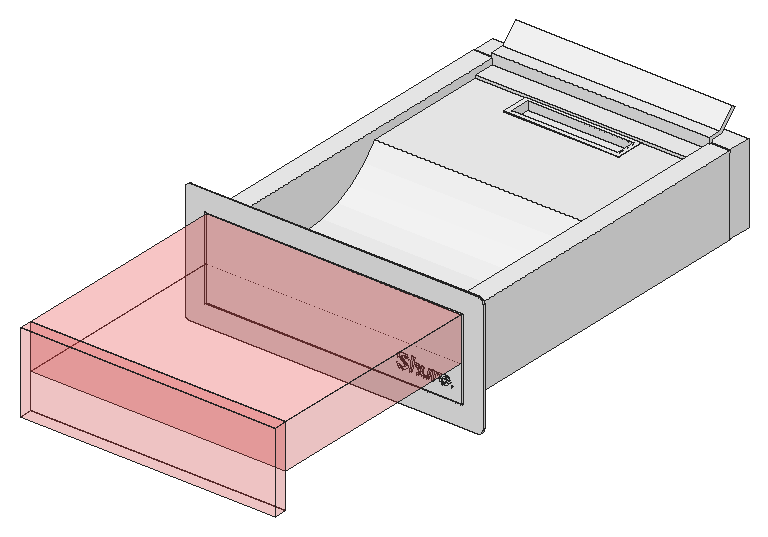
Revit family "Security_ShureSAFE-SPT350", category Generic Models, Revit 2026
Family settings
  Can host rebar = No
  Round Connector Dimension = Use Diameter
  Part Type = Normal
  Work Plane-Based = No
  Always vertical = Yes
  Cut with Voids When Loaded = No
  Maintain Annotation Orientation = No
  Shared = No
  Room Calculation Point = No
Parameters
  URL = "https://www.shuresafe.com/product-category/secure-transaction-drawers/"
  Type Comments = ""
  Specifications = "https://www.arcat.com/company/shure-mfg--corp-35487/spec"
  ProductData = "https://www.arcat.com/arcatcos/cos35/arc35487.html"
  Model = "SPT350"
  Manufacturer = "ShureSAFE"
  Keynote = ""
  Description = ""
  Default Elevation = 0' - 0"
  Cost = 0
  Clearence [instance] = yes
  CADDetails = "https://www.arcat.com/company/shure-mfg--corp-35487/cad"
  Assembly Code = "119713"
Reference planes (in)
  plane 1 "Center (Front/Back)": y = 0
  plane 2: z = 0
  plane 3 "Center (Left/Right)": x = 0
  plane 4: y = 7.3758
  plane 5: z = 0.14155
  plane 6: z = 5.89155
  plane 7: z = 3.01655
  plane 8: z = 1.14155
  plane 9: z = 4.89155
  plane 10: x = -6
  plane 11: x = 6
  plane 12: x = -7
  plane 13: x = 7
  plane 14: y = 7.43575
  plane 15: y = 24.18575
  plane 16: y = -3.56425
  plane 17: z = 2.7978
  plane 18: y = -2.95487
Forms (in)
  Extrusion 1, solid, material "ShureSAFE"
    sketch origin (0.01682, 19.6258, 0) x (0, -1, 0) y (1, 0, 0)
      loop
        line (11.57825, -6.01682) -> (11.57825, -5.15591) -> (-3.46353, -5.15591) -> (-3.46353, -6.01682) -> (11.57825, -6.01682)
      loop
        line (11.57758, 5.06131) -> (11.57758, 5.98318) -> (-3.46353, 5.98318) -> (-3.46353, 5.06131) -> (11.57758, 5.06131)
      loop
        line (-4.55995, -6.01682) -> (-3.49745, -6.01682) -> (-3.49745, 5.98318) -> (-4.55995, 5.98318) -> (-4.55995, -6.01682)
    from 1.14155 to 4.89155
  Extrusion 2, solid, not visible
    sketch origin (-1.52417, -6.7296, 0) x (0.707107, -0.707107, 0) y (0, 0, 1)
      loop
        circle (1, 21.8954) r 0.25
    from 0 to 5.8425
  Extrusion 3, solid, not visible
    sketch origin (-1.52417, -6.7296, 0) x (0.707107, -0.707107, 0) y (0, 0, 1)
      loop
        circle (1, 21.8954) r 0.5
    from 5.8125 to 6.125
  Extrusion 4, solid, material "ShureSAFE"
    sketch origin (0, 0, 0) x (1, 0, 0) y (0, 0, 1)
      loop
        arc (6.75, 0.14155) -> (6.92678, 0.21477) -> (7, 0.39155) r 0.25
        line (7, 0.39155) -> (7, 5.64155)
        arc (7, 5.64155) -> (6.92678, 5.81833) -> (6.75, 5.89155) r 0.25
        line (6.75, 5.89155) -> (-6.75, 5.89155)
        arc (-6.75, 5.89155) -> (-6.92678, 5.81833) -> (-7, 5.64155) r 0.25
        line (-7, 5.64155) -> (-7, 0.39155)
        arc (-7, 0.39155) -> (-6.92678, 0.21477) -> (-6.75, 0.14155) r 0.25
        line (-6.75, 0.14155) -> (6.75, 0.14155)
      loop
        line (-6.0625, 4.95405) -> (-6.0625, 1.07905) -> (6.0625, 1.07905) -> (6.0625, 4.95405) -> (-6.0625, 4.95405)
    from -7.43575 to -7.3758
  Extrusion 5, solid, material "ShureSAFE"
    sketch origin (0, 0, 0) x (1, 0, 0) y (0, 0, 1)
      loop
        arc (2.94663, 1.80987) -> (2.97252, 1.74627) -> (3.01352, 1.69118) r 0.27192
        arc (3.01352, 1.69118) -> (3.13863, 1.61587) -> (3.28463, 1.61344) r 0.2813
        arc (3.28463, 1.61344) -> (3.39689, 1.6635) -> (3.47919, 1.75479) r 0.2965
        arc (3.47919, 1.75479) -> (3.48314, 1.83938) -> (3.433, 1.90761) r 0.1269
        line (3.433, 1.90761) -> (3.16846, 2.12531)
        arc (3.16846, 2.12531) -> (3.16568, 2.15909) -> (3.19401, 2.17769) r 0.03318
        arc (3.19401, 2.17769) -> (3.25575, 2.18411) -> (3.31647, 2.17128) r 0.19989
        arc (3.31647, 2.17128) -> (3.33814, 2.15125) -> (3.34465, 2.12247) r 0.04973
        line (3.34465, 2.12247) -> (3.52192, 2.12247)
        arc (3.52192, 2.12247) -> (3.50223, 2.17508) -> (3.47124, 2.22193) r 0.24898
        arc (3.47124, 2.22193) -> (3.24542, 2.32735) -> (3.0196, 2.22193) r 0.29459
        arc (3.0196, 2.22193) -> (2.98015, 2.13408) -> (3.01437, 2.04406) r 0.12583
        line (3.01437, 2.04406) -> (3.29223, 1.8154)
        arc (3.29223, 1.8154) -> (3.30499, 1.78779) -> (3.29223, 1.76018) r 0.03626
        arc (3.29223, 1.76018) -> (3.22184, 1.7486) -> (3.15145, 1.76018) r 0.21971
        arc (3.15145, 1.76018) -> (3.12972, 1.78076) -> (3.12276, 1.80987) r 0.05255
        line (3.12276, 1.80987) -> (2.94663, 1.80987)
      loop
        line (3.66077, 2.32919) -> (3.5329, 1.60402) -> (3.67751, 1.60402) -> (3.73202, 1.91317)
        arc (3.73202, 1.91317) -> (3.83554, 1.97968) -> (3.90478, 1.87796) r 0.08819
        line (3.90478, 1.87796) -> (3.85663, 1.60402) -> (3.99967, 1.60402) -> (4.05857, 1.93806)
        arc (4.05857, 1.93806) -> (3.95592, 2.109) -> (3.7596, 2.07417) r 0.17584
        line (3.7596, 2.07417) -> (3.80457, 2.32919) -> (3.66077, 2.32919)
      loop
        circle (5.55028, 1.6872) r 0.05083
      loop
        line (4.26074, 2.07303) -> (4.1177, 2.07303) -> (4.0694, 1.79912)
        arc (4.0694, 1.79912) -> (4.16784, 1.62907) -> (4.36418, 1.63647) r 0.19049
        line (4.36418, 1.63647) -> (4.35845, 1.60402) -> (4.50149, 1.60402) -> (4.58419, 2.07303) -> (4.44115, 2.07303) -> (4.39052, 1.78589)
        arc (4.39052, 1.78589) -> (4.28929, 1.72335) -> (4.21555, 1.81675) r 0.08943
        line (4.21555, 1.81675) -> (4.26074, 2.07303)
      loop
        line (4.80099, 2.07303) -> (4.64623, 2.07303) -> (4.56353, 1.60402) -> (4.71829, 1.60402) -> (4.76935, 1.89358)
        arc (4.76935, 1.89358) -> (4.82397, 1.95682) -> (4.90742, 1.95271) r 0.09531
        line (4.90742, 1.95271) -> (4.933, 2.07303)
        arc (4.933, 2.07303) -> (4.86069, 2.06743) -> (4.7947, 2.03734) r 0.20798
        line (4.7947, 2.03734) -> (4.80099, 2.07303)
      loop
        line (5.10466, 1.90077) -> (5.29346, 1.90077)
        arc (5.29346, 1.90077) -> (5.26648, 1.95924) -> (5.20551, 1.97996) r 0.08161
        arc (5.20551, 1.97996) -> (5.14311, 1.95562) -> (5.10466, 1.90077) r 0.11565
      loop
        arc (5.26954, 1.79174) -> (5.21179, 1.74814) -> (5.13944, 1.74947) r 0.11082
        arc (5.13944, 1.74947) -> (5.09776, 1.78452) -> (5.08825, 1.83814) r 0.07982
        line (5.08825, 1.83814) -> (5.46341, 1.83814)
        arc (5.46341, 1.83814) -> (5.19697, 2.10458) -> (4.93053, 1.83814) r 0.26644
        arc (4.93053, 1.83814) -> (4.99387, 1.67927) -> (5.14914, 1.60756) r 0.2309
        arc (5.14914, 1.60756) -> (5.32857, 1.6561) -> (5.45567, 1.79174) r 0.34001
        line (5.45567, 1.79174) -> (5.26954, 1.79174)
      loop
        line (-6, 4.89155) -> (-6, 1.14155) -> (6, 1.14155) -> (6, 4.89155) -> (-6, 4.89155)
    from -8.04755 to -7.3758
  Extrusion 6, solid, material "Projection", visible <- "Clearence"
    sketch origin (0, 0, 0) x (1, 0, 0) y (0, 0, 1)
      loop
        line (6, 2.7978) -> (6, 4.89155) -> (-6, 4.89155) -> (-6, 2.7978) -> (6, 2.7978)
    from -7.3758 to 2.95487
  Extrusion 7, solid, material "ShureSAFE"
    sketch origin (0, 0.05995, 0) x (1, 0, 0) y (0, 0, 1)
      loop
        line (2.66236, 2.87405) -> (2.66236, 1.46875) -> (5.81119, 1.46875) -> (5.81119, 2.87405) -> (2.66236, 2.87405)
    from -7.43575 to -7.3758
  Extrusion 8, solid, material "ShureSAFE"
    sketch origin (0, 0, 0) x (0, 1, 0) y (0, 0, 1)
      loop
        line (8.04755, 4.5) -> (8.04755, 4.29029)
        arc (8.04755, 4.29029) -> (12.14742, 2.29664) -> (16.20501, 4.375) r 5.10373
        line (16.20501, 4.375) -> (23.17255, 4.375) -> (23.17255, 5) -> (23.72433, 5) -> (24.51741, 5.79308) -> (24.42902, 5.88147) -> (23.67255, 5.125) -> (23.04755, 5.125) -> (23.04755, 4.625) -> (22.04755, 4.625) -> (22.04755, 4.5) -> (16.1413, 4.5)
        arc (16.1413, 4.5) -> (12.09443, 2.42137) -> (8.04755, 4.5) r 4.97873
    from -5.12479 to 5.09244
  Extrusion 9, void
    sketch origin (0, 0, 0) x (1, 0, 0) y (0, 1, 0)
      loop
        line (-2.53126, 20.87475) -> (2.53124, 20.87475) -> (2.53124, 21.87475) -> (-2.53126, 21.87475) -> (-2.53126, 20.87475)
    from 0 to 25
  Sweep 10, solid, material "ShureSAFE"
    path in 3D
      loop
        line (2.53124, 21.87475, 4.5) -> (2.53124, 20.87475, 4.5) -> (-2.53126, 20.87475, 4.5) -> (-2.53126, 21.87475, 4.5) -> (2.53124, 21.87475, 4.5)
    profile origin (-0.00001, 21.87475, 4.5) x (0, 1, 0) y (0, 0, 1)
      loop
        line (0, 0) -> (0.1728, 0) -> (0.1728, 0.03125) -> (-0.03125, 0.03125) -> (-0.03125, -0.375) -> (0, -0.375) -> (0, 0)
  Extrusion 11, solid, material "ShureSAFE"
    sketch origin (0.01682, 19.6258, 1.14155) x (0, -1, 0) y (1, 0, 0)
      loop
        line (-3.46353, 5.07562) -> (-3.46353, -5.1416) -> (11.57825, -5.1416) -> (11.57825, 5.07562) -> (-3.46353, 5.07562)
    from 0 to 0.25
  Extrusion 12, solid, material "Projection", visible <- "Clearence"
    sketch origin (0, -10.94005, 0) x (1, 0, 0) y (0, 0, 1)
      loop
        line (-6, 4.89155) -> (-6, 1.14155) -> (6, 1.14155) -> (6, 4.89155) -> (-6, 4.89155)
    from -7.98518 to -7.3758
  Extrusion 13, solid, material "ShureSAFE"
    sketch origin (0, 0, -0.25) x (1, 0, 0) y (0, 1, 0)
      loop
        line (-2.50001, 20.906) -> (2.49999, 20.906) -> (2.49999, 21.8435) -> (-2.50001, 21.8435) -> (-2.50001, 20.906)
    from 4.375 to 4.41042
Cuts and joins
  Extrusion 9 cuts Extrusion 8
Lines and regions (in)
  sketch lines
    curve 1: line (-2.53126, 21.87475, 4.5) -> (2.53124, 21.87475, 4.5)
    curve 2: line (2.53124, 21.87475, 4.5) -> (2.53124, 20.87475, 4.5)
    curve 3: line (2.53124, 20.87475, 4.5) -> (-2.53126, 20.87475, 4.5)
    curve 4: line (-2.53126, 20.87475, 4.5) -> (-2.53126, 21.87475, 4.5)
Dimensions and locks (in)
  Extrusion 1 to Extrusion 1 = 0' - 3 3/4"  (x2)
  Extrusion 4 to Extrusion 4 = 1' - 2"
  Extrusion 4 to Extrusion 4 = 0' - 5 3/4"
  Extrusion 1 to Extrusion 4 = 1' - 4 3/4"  (x2)
  plane 14 to plane 16 = 0' - 11"
  Extrusion 12 to Extrusion 4 = 0' - 11"
  Extrusion 4 to Extrusion 1 = 1' - 4 3/4"
  Extrusion 12 to Extrusion 12 = 0' - 3 3/4"
  Extrusion 12 to Extrusion 12 = 1' - 0"
  Extrusion 1 to Extrusion 1 = 1' - 0"
  aligned and locked: plane 2 to level
